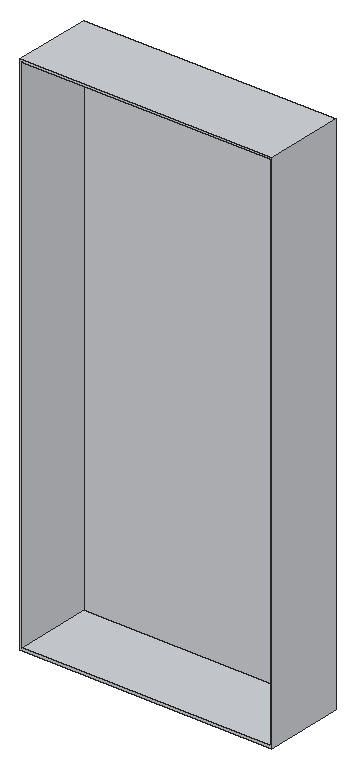
Revit family "Hager-VOLTA-Surface_mounted-IP30-Without_Cover-Without_DIN-NoHosted-CH-fr", category Electrical Equipment, Revit 2023
Family settings
  Panel Configuration = Two Columns, Circuits Across
  Round Connector Dimension = Use Diameter
  Part Type = Panelboard
  Work Plane-Based = Yes
  Always vertical = Yes
  Cut with Voids When Loaded = No
  Maintain Annotation Orientation = No
  Shared = No
  Room Calculation Point = No
Parameters (values of type "VOLTA-Surface_mounted_W305_H640_D96_12_Modular_Spacing-VA48MD")
  Width Control [instance] = if([HG000006-Encastré], if([EF000846 - largeur d'encastrement] > min_whd, [EF000846 - largeur d'encastrement], min_whd), if([EF000008 - largeur] > min_whd, ([EF000008 - largeur]), min_whd))  # 305 mm
  Void Depth [instance] = if([EF000218 - profondeur de montage] > 1 mm, [EF000218 - profondeur de montage], 1 mm)  # 1 mm
  Uniformat code = "D501001"
  Uniformat = "Low Tension Service & Dist."
  Référence = ""
  HGEF0002950-largeur en nombre de modules = 12
  HGEF000266-Nombre de rangées = 4
  HG000131 - Functional label [instance] = ""
  HG000130 - Functional name [instance] = ""
  HG000099-ID modèle Onfly = "507532"
  HG000059-tension d'utilisation [instance] = 230 V
  HG000017-Distance entre pôles = 18 mm
  HG000016-Visibilité de la porte 3D = yes
  HG000015-Visibilité de l'emprise de la porte = yes
  HG000014-Porte à droite = yes
  HG000013-Porte à gauche = no
  HG000012-Angle de pivotement de la porte = 90.00°
  HG000011-Rangées du bas vides = no
  HG000010-Portes asymétriques = no
  HG000009-Porte à double battant = no
  HG000008-Nombre de rangées vides = 0
  HG000007-Nombre de colonnes vides = 0
  HG000006-Encastré = no
  HG000005-Epaisseur = 2 mm
  HG000004-Référence fabricant = "VA48MD"
  HG000003-Gamme = "VOLTA"
  HG000002-avec porte = no
  HG000001-nombre de colonnes = 0
  ETIM class name = "Small distribution board"
  ETIM class code = "EC000214"
  EF015941 - porte de transmission du signal = no
  EF015777 - borne à conducteur neutre = no
  EF015776 - borne de mise à la terre = no
  EF009212 - type de couvercle = "avec découpe"
  EF006306 - avec serrure = no
  EF006244 - couvercle/porte transparente = no
  EF005474 - indice de protection (IP) = "IP30"
  EF004464 - type de porte = ""
  EF004462 - type de fermeture = ""
  EF002950 - nombre d'unités modulaires = 12
  EF001596 - matériau du boîtier = ""
  EF001134 - rail DIN = no
  EF001131 - profondeur interne = 0 mm
  EF001088 - possibilité de montage adossé = yes
  EF001062 - version CEM = no
  EF000846 - largeur d'encastrement = 0 mm
  EF000339 - type de couverture = ""
  EF000332 - hauteur d'installation = 0 mm
  EF000266 - nombre de rangées = 4
  EF000218 - profondeur de montage = 0 mm
  EF000118 - avec plaque de montage = yes
  EF000116 - numéro RAL = 9010
  EF000049 - profondeur = 96 mm
  EF000040 - hauteur = 640 mm
  EF000024 - résiste aux UV = no
  EF000008 - largeur = 305 mm
  EF000007 - couleur = "blanc"
  EF000003 - mode de montage = "apparent"
  Type Comments = ""
  System Height [instance] = Height Control - 2 * [HG000005-Epaisseur]  # 636 mm
  Reference description = ""
  Reference = "VOLTA-Surface_mounted_W305_H640_D96_12_Modular_Spacing-VA48MD"
  Panel Name [instance] = ""  # (empty or 0)
  Offset [instance] = 0 mm
  Object type = ""
  Name hager = "ADD_Enclosures_EC000214"
  Name BIM&CO = "Electricity"
  Name = "VOLTA-Surface_mounted-IP30-Without_Cover-Without_DIN-CH"
  Model = ""
  Level Offset [instance] = [Flush Mounted - Door Frame Width] + Offset  # 0 mm
  HG000060-RAL-number = "9010"
  GTIN (Global Trade Item Number) = ""
  Description = ""
  Default Elevation = 1200 mm
  Creation Date = "12/15/2025 21:43:52"
  Code hager = "ADD-EC000214_EU"
  Code Uniformat = ""
  BIM&CO code = ""
  BC_VARIANT_ID = "1174158"
  BC_OBJECT_VERSION = "#9"  # constant formula
  BC_OBJECT_ID = "513473"  # constant formula
  BC_MODEL_ID = "1547144"  # constant formula
  BC_METADATA = "{\"ObjectGuid\":\"bc35c96e-cb38-443e-833d-0616858cb9ac\",\"ModelGuid\":\"8af03f69-2293-4735-a617-cc53adf55621\",\"VariantGuid\":\"8b6e323b-1b53-409a-a940-11b5a7fc5337\",\"Revision\":\"#4\",\"VariantName\":\"Template-Enclosure_EU-EC000214\"}"
  Arrow Offset [instance] = Depth Control / 8  # 12 mm
  Arrow Height [instance] = Depth Control - Arrow Offset  # 84 mm
  Host Offset [instance] = if([HG000006-Encastré], 0 mm, [EF000049 - profondeur])  # 96 mm
  min_whd [instance] = (2 * [HG000005-Epaisseur]) + 1 mm  # 5 mm
  Manufacturer = "Hager"  # constant formula
  Height Control [instance] = if([HG000006-Encastré], if([EF000332 - hauteur d'installation] > min_whd, [EF000332 - hauteur d'installation], min_whd), if([EF000040 - hauteur] > min_whd, ([EF000040 - hauteur]), min_whd))  # 640 mm
  Flush Mounted - Door Frame Width [instance] = if(([EF000040 - hauteur] - [EF000332 - hauteur d'installation]) > 0 mm, if([HG000006-Encastré], [EF000040 - hauteur] - [EF000332 - hauteur d'installation], 0 mm), 0 mm)  # 0 mm
  Depth Control [instance] = if([HG000006-Encastré], if([EF000218 - profondeur de montage] > 0 mm, [EF000218 - profondeur de montage], 1 mm), if([EF000049 - profondeur] > 0 mm, ([EF000049 - profondeur]), 1 mm))  # 96 mm
Reference planes
  plane 1 "Center (Front/Back)": y = 0
  plane 2: z = 0
  plane 3 "Center (Left/Right)": x = 0
  plane 4: y = 2
  plane 5: y = 0
  plane 6: y = 0
  plane 7: z = 0
  plane 8: x = -152.5
  plane 9: x = 152.5
  plane 10: x = 150.5
  plane 11: x = -150.5
  plane 12: z = 0
  plane 13: z = 2
  plane 14: y = -91
  plane 15: y = -96
  plane 16: y = -2
  plane 17: z = 638
  plane 18: z = 640
  plane 19: z = 320
  plane 20: x = 0
  plane 21: y = -100
  plane 22 "Annotation H": y = -300
  plane 23 "Annotation V": x = 352.5
Forms (mm)
  Extrusion 1, solid
    sketch origin (-208.679, -4572, 0) x (-1, 0, 0) y (0, -1, 0)
      loop
        line (-56.179, -4476) -> (-361.179, -4476) -> (-361.179, -4572) -> (-56.179, -4572) -> (-56.179, -4476)
    from 0 to 640 <- "Height Control"
  Extrusion 2, void
    sketch origin (-350.771, -96, 1219.2) x (1, 0, 0) y (0, 0, 1)
      loop
        line (200.271, -581.2) -> (200.271, -1217.2) -> (501.271, -1217.2) -> (501.271, -581.2) -> (200.271, -581.2)
    from 0 to -94
  Extrusion 3, solid, detail levels coarse+medium
    sketch origin (-350.771, -96, 1219.2) x (-1, 0, 0) y (0, 0, 1)
      loop
        line (-200.271, -581.2) -> (-501.271, -581.2) -> (-501.271, -1217.2) -> (-200.271, -1217.2) -> (-200.271, -581.2)
    from 0 to 2 <- "HG000005-Epaisseur"
Cuts and joins
  Extrusion 2 cuts Extrusion 1
Dimensions and locks
  "Flush Mounted - Door Frame Width": plane 1 "Center (Front/Back)" to plane 6
  "HG000005-Epaisseur": plane 4 to plane 6
  "HG000005-Epaisseur": plane 8 to plane 11
  "HG000005-Epaisseur": plane 9 to plane 10
  equal spacing: plane 8, plane 3 "Center (Left/Right)", plane 9
  "Width Control": plane 8 to plane 9
  locked: plane 14 to plane 15 at 5
  "Host Offset": plane 1 "Center (Front/Back)" to plane 15
  "Depth Control": plane 5 to plane 15
  "HG000005-Epaisseur": plane 5 to plane 16
  "HG000005-Epaisseur": plane 13 to plane 12
  "Level Offset": plane 12 to level
  "HG000005-Epaisseur": plane 18 to plane 17
  "Height Control": plane 18 to plane 12
  "Arrow Offset": plane 5 to nested 4
  equal spacing: plane 18, plane 19, plane 12
  locked: connector elem to plane 19
  locked: connector elem to plane 3 "Center (Left/Right)"
  Extrusion 2 sketch curve to Extrusion 2 sketch curve to plane 9 = 301 mm, 2 mm
  locked: plane 9 to plane 23 "Annotation V" at 200
  locked: plane 22 "Annotation H" to plane 1 "Center (Front/Back)" at 300
  aligned and locked: nested 1 to plane 14
  aligned and locked: plane 3 "Center (Left/Right)" to nested 1
  aligned and locked: plane 3 "Center (Left/Right)" to nested 2
  aligned and locked: nested 2 to plane 15
  aligned and locked: plane 5 to Extrusion 1
  aligned and locked: Extrusion 3 sketch curve to plane 17
  aligned and locked: Extrusion 3 sketch curve to plane 11
  aligned and locked: plane 13 to Extrusion 3 sketch curve
  aligned and locked: Extrusion 3 sketch curve to plane 10
  aligned and locked: plane 13 to Extrusion 2 sketch curve
  aligned and locked: Extrusion 2 sketch curve to plane 17
  aligned and locked: plane 16 to Extrusion 2
  aligned and locked: plane 5 to Extrusion 1 sketch curve
  aligned and locked: plane 9 to Extrusion 1 sketch curve
  aligned and locked: plane 8 to Extrusion 1 sketch curve
  aligned and locked: plane 8 to nested 4
  aligned and locked: plane 8 to nested 3
  aligned and locked: nested 3 to plane 5
  aligned and locked: Extrusion 1 sketch curve to plane 15
  aligned and locked: Extrusion 2 to plane 15
  aligned and locked: nested 5 to plane 22 "Annotation H"
  aligned and locked: plane 23 "Annotation V" to nested 5
  aligned and locked: plane 11 to Extrusion 2
  aligned and locked: plane 10 to Extrusion 2
Nested families
  nested 1: "Hager_Enclosure_System" at (0, -91, 2), Height <- "System Height", Width_Control <- "Width Control", Built-in_Width <- "EF000846 - largeur d'encastrement", Width <- "EF000008 - largeur", Depth <- "HG000005-Epaisseur", Border <- "HG000005-Epaisseur", Distance_Between_Poles <- "HG000017-Distance entre pôles", Flush_Mounted <- "HG000006-Encastré", Empty_Columns <- "HG000007-Nombre de colonnes vides", Total_No_Empty_Rows <- "HG000008-Nombre de rangées vides", Empty_Rows_From_Bottom <- "HG000011-Rangées du bas vides", Columns_Count <- "HG000001-nombre de colonnes", Rows_Count <- "HGEF000266-Nombre de rangées", Row_Module_Multiplicator <- "HGEF0002950-largeur en nombre de modules", type "Hager_Enclosure_System", detail levels medium+fine
    with Width_Control 305 mm, Width 305 mm, Total_No_Rows 4, Total_No_Empty_Rows 0, Total_No_Columns 1, System_Width 301 mm, Rows_Count 4, Rows_Column 4, Row_Module_Multiplicator 12, Panel_4 no, Panel_3 no, Panel_2 no, Panel_1 no, No_Panels_Ctrl 1, Hide_Columns yes, Height 636 mm, Flush_Mounted no, Empty_Rows_From_Bottom no, Empty_Rows_Column 0, Empty_Columns 0, Empty column 4 0, Empty column 3 0, Empty column 2 0, Empty column 1 0, Distance_Between_Poles 18 mm, Depth 2 mm, Columns_Count 0, Column_Width 301 mm, Built-in_Width 0 mm, Border 2 mm
  nested 2: "Hager_Enclosure_Door" at (0, -96, 0), Height_Ctrl <- "Height Control", Width_Ctrl <- "Width Control", BuiltIn_Depth <- "EF000218 - profondeur de montage", Depth <- "EF000049 - profondeur", BuiltIn_Width <- "EF000846 - largeur d'encastrement", Height <- "EF000040 - hauteur", BuiltIn_Height <- "EF000332 - hauteur d'installation", Width <- "EF000008 - largeur", Transparent <- "EF006244 - couvercle/porte transparente", Border <- "HG000005-Epaisseur", Door <- "HG000002-avec porte", Flush_Mounted <- "HG000006-Encastré", Double <- "HG000009-Porte à double battant", Assymetrical <- "HG000010-Portes asymétriques", Angle <- "HG000012-Angle de pivotement de la porte", Door_Left <- "HG000013-Porte à gauche", Door_Right <- "HG000014-Porte à droite", Clearance <- "HG000015-Visibilité de l'emprise de la porte", 3d_Door <- "HG000016-Visibilité de la porte 3D", type "Hager_Enclosure_Door", detail levels medium+fine
    with min_wh 5 mm, Width_Ctrl 305 mm, Width 305 mm, Transparent_Door_No_Bottom_Border no, Transparent no, Leaf_Width 298 mm, Leaf_Tolerance 1.5 mm, Leaf_Height 633 mm, Leaf_2_Width 298 mm, Leaf_2_Offset 149 mm, Leaf_1_Width 298 mm, Leaf_1_Offset 149 mm, Height_Ctrl 640 mm, Height 640 mm, Frame_Width_Ctrl 305 mm, Frame_Width 305 mm, Frame_Internal_Offset 0 mm, Frame_Height_Ctrl 640 mm, Frame_Height 640 mm, Frame_Depth_Ctrl 1 mm, Frame_Depth 0 mm, Flush_Mounted no, Double_Clearance_Ctrl no, Double no, Door_Right_Ctrl no, Door_Right yes, Door_Left_Ctrl no, Door_Left no, Door no, Depth 96 mm, Clearance_Depth 298 mm, Clearance_Ctrl yes, Clearance yes, BuiltIn_Width 0 mm, BuiltIn_Height 0 mm, BuiltIn_Depth 0 mm, Border 2 mm, Assymetrical no, Angle 90.00°, 3d_Door yes
  nested 3: "Hager_Enclosure_Symbol_Triangle" at (-152.5, 0, 0), Depth <- "Depth Control", Width <- "Width Control", type "Hager_Enclosure_Symbol_Triangle"
    with Width_Ctrl 305 mm, Width 305 mm, Depth_Ctrl 96 mm, Depth 96 mm
  nested 4: "Hager_Enclosure_Symbol_Arrow" at (-152.5, -12, 0), Height <- "Arrow Height", type "Hager_Enclosure_Symbol_Arrow"
    with Width_Inside 6.3 mm, Width 75.6 mm, Height_Ctrl 84 mm, Height 84 mm
  nested 5: "Hager_Annotation-HG000130" at (352.5, -300, 0), HG000130 - Functional name <- "HG000130 - Functional name", type "Hager_Annotation-HG000130"
    with HG000130 - Functional name ""
Connectors
  electrical at (0, 0, 320), driven by "HG000059-tension d'utilisation"
    settings: on plane 5, index 1, voltage 230 V, apparent load 0 VA, apparent load phase1 0 VA, apparent load phase2 0 VA, apparent load phase3 0 VA, power factor 1, load classification "Other", number of poles 1, system type 30, power factor state 1, is connector primary yes, connector utility no, sub classification motor no, connector description ""
Definition of nested family "Hager_Enclosure_Door"
  Parameters (values of type "Hager_Enclosure_Door")
    min_wh [instance] = (2 * Border) + 1 mm  # 11 mm
    Width_Ctrl [instance] = 400 mm
    Width [instance] = 500 mm
    Transparent_Door_No_Bottom_Border [instance] = no
    Transparent [instance] = yes
    Leaf_Width [instance] = if((Width_Ctrl - 2 * Border - 2 * Leaf_Tolerance) > 0 mm, (Width_Ctrl - 2 * Border - 2 * Leaf_Tolerance), min_wh)  # 387 mm
    Leaf_Tolerance [instance] = 1.5 mm  # constant formula
    Leaf_Height [instance] = if((Height_Ctrl - 2 * Border - 2 * Leaf_Tolerance) > 0 mm, (Height_Ctrl - 2 * Border - 2 * Leaf_Tolerance), min_wh)  # 387 mm
    Leaf_2_Width [instance] = if(and(and(Double, Assymetrical), Door_Left), (Leaf_Width / 3) - (Leaf_Tolerance / 2), if(and(and(Double, Assymetrical), Door_Right), (Leaf_Width / 3) * 2 - (Leaf_Tolerance / 2), if(and(Double, not(Assymetrical)), (Leaf_Width / 2) - Leaf_Tolerance, Leaf_Width)))  # 387 mm
    Leaf_2_Offset [instance] = if(and(Double, Assymetrical), Leaf_2_Width / 2, if(and(Double, not(Assymetrical)), Leaf_Width / 4, Leaf_Width / 2))  # 193.5 mm
    Leaf_1_Width [instance] = if(and(and(Double, Assymetrical), Door_Right), (Leaf_Width / 3) - (Leaf_Tolerance / 2), if(and(and(Double, Assymetrical), Door_Left), (Width / 3) * 2 - (Leaf_Tolerance / 2), if(and(Double, not(Assymetrical)), (Leaf_Width / 2) - Leaf_Tolerance, Leaf_Width)))  # 387 mm
    Leaf_1_Offset [instance] = if(and(Double, Assymetrical), Leaf_1_Width / 2, if(and(Double, not(Assymetrical)), Leaf_Width / 4, Leaf_Width / 2))  # 193.5 mm
    Height_Ctrl [instance] = 400 mm
    Height [instance] = 500 mm
    Frame_Width_Ctrl [instance] = if(Frame_Width > 0 mm, Frame_Width, 1 mm)  # 1 mm
    Frame_Width [instance] = Width - BuiltIn_Width  # 0 mm
    Frame_Internal_Offset [instance] = if(Flush_Mounted, Border, 0 mm)  # 5 mm
    Frame_Height_Ctrl [instance] = if(Frame_Height > 0 mm, Frame_Height, 1 mm)  # 1 mm
    Frame_Height [instance] = Height - BuiltIn_Height  # 0 mm
    Frame_Depth_Ctrl [instance] = if(Frame_Depth > 0 mm, Frame_Depth, 1 mm)  # 1 mm
    Frame_Depth [instance] = if(Depth - BuiltIn_Depth > 0 mm, if(Flush_Mounted, Depth - BuiltIn_Depth, 0 mm), 0 mm)  # 0 mm
    Flush_Mounted [instance] = yes
    Double_Clearance_Ctrl [instance] = and(Double, Clearance)  # no
    Double [instance] = no
    Door_Right_Ctrl [instance] = and(or(Door_Right, Double), Door)  # yes
    Door_Right [instance] = yes
    Door_Left_Ctrl [instance] = and(or(Door_Left, Double), Door)  # no
    Door_Left [instance] = no
    Door [instance] = yes
    Depth [instance] = 500 mm
    Default Elevation = 1219.2 mm
    Clearance_Material = none
    Clearance_Depth [instance] = if(Leaf_1_Width > Leaf_2_Width, Leaf_1_Width, Leaf_2_Width)  # 387 mm
    Clearance_Ctrl [instance] = and(not(Double), Clearance)  # yes
    Clearance [instance] = yes
    BuiltIn_Width [instance] = 500 mm
    BuiltIn_Height [instance] = 500 mm
    BuiltIn_Depth [instance] = 500 mm
    Border [instance] = 5 mm
    Assymetrical [instance] = yes
    Angle [instance] = 30.00°
    3d_Door [instance] = yes
  Reference planes
    plane 1 "Center (Front/Back)": y = 0
    plane 2 "Bottom": z = 0
    plane 3 "Center (Left/Right)": x = 0
    plane 4: z = 400
    plane 5: x = -200
    plane 6: x = 200
    plane 7: z = 395
    plane 8: x = -195
    plane 9: z = 5
    plane 10: x = 195
    plane 11: y = 0
    plane 12: z = 6.5
    plane 13: x = -582
    plane 14: y = -387
    plane 15: x = 582
    plane 16: x = 0
    plane 17: x = 0
    plane 18: x = -193.5
    plane 19: x = 193.5
    plane 20: z = 393.5
  Forms (mm)
    Extrusion 1, solid, visible <- "Flush_Mounted"
      sketch origin (0, 0, 0) x (1, 0, 0) y (0, 0, 1)
        loop
          line (195, 5) -> (195, 395) -> (-195, 395) -> (-195, 5) -> (195, 5)
        loop
          line (-201, 401) -> (-201, -1) -> (201, -1) -> (201, 401) -> (-201, 401)
      from 0 to 1 <- "Frame_Depth_Ctrl"
    Extrusion 2, solid, material <- "Clearance_Material", visible <- "Double_Clearance_Ctrl"
      sketch origin (1200, 0, 0) x (1, 0, 0) y (0, 0, -1)
        loop
          line (-1782, -393.5) -> (-618, -393.5) -> (-618, 0) -> (-1782, 0) -> (-1782, -393.5)
      from 0 to -387
  Dimensions and locks
    equal spacing: plane 5, plane 3 "Center (Left/Right)", plane 6
    "Width_Ctrl": plane 5 to plane 6
    "Border": plane 5 to plane 8
    "Border": plane 6 to plane 10
    "Border": plane 9 to level
    "Border": plane 4 to plane 7
    "Height_Ctrl": plane 4 to level
    "Leaf_Tolerance": plane 12 to plane 9
    "Frame_Depth": plane 11 to plane 1 "Center (Front/Back)"
    "Frame_Width_Ctrl": plane 5 to Extrusion 1 sketch curve
    "Frame_Width_Ctrl": plane 6 to Extrusion 1 sketch curve
    "Frame_Width_Ctrl": Extrusion 1 sketch curve to plane 4
    "Frame_Width_Ctrl": plane 2 "Bottom" to Extrusion 1 sketch curve
    "Leaf_1_Offset": plane 18 to plane 16
    "Leaf_2_Offset": plane 17 to plane 19
    "Leaf_1_Width": plane 13 to plane 8
    "Leaf_2_Width": plane 10 to plane 15
    "Clearance_Depth": plane 14 to plane 1 "Center (Front/Back)"
    "Leaf_Tolerance": plane 8 to plane 18
    "Leaf_Tolerance": plane 19 to plane 10
    "Leaf_Tolerance": plane 7 to plane 20
    "Frame_Internal_Offset": plane 5 to Extrusion 1 sketch curve
    "Frame_Internal_Offset": Extrusion 1 sketch curve to plane 2 "Bottom"
    "Frame_Internal_Offset": plane 6 to Extrusion 1 sketch curve
    "Frame_Internal_Offset": plane 4 to Extrusion 1 sketch curve
    aligned and locked: level to plane 2 "Bottom"
    aligned and locked: nested 1 to plane 16
    aligned and locked: nested 2 to plane 17
    aligned and locked: Extrusion 2 to plane 13
    aligned and locked: plane 15 to Extrusion 2
    aligned and locked: Extrusion 2 to plane 14
    aligned and locked: plane 12 to nested 1
    aligned and locked: nested 2 to plane 12
    aligned and locked: Extrusion 2 to plane 11
    aligned and locked: plane 20 to Extrusion 2
    aligned and locked: nested 2 to plane 11
    aligned and locked: nested 1 to plane 11
  Automatic sketch dimensions
    Extrusion 2 sketch curve to level = 0 mm
    plane 5 to Extrusion 2 sketch curve = 382 mm
    plane 6 to Extrusion 2 sketch curve = 382 mm
    Extrusion 2 sketch curve to plane 4 = 6.5 mm
  Nested families
    nested 1: "Hager_Enclosure_Door_Leaf" at (0, 0, 6.5), Width <- "Leaf_1_Width", visible <- "Door_Left_Ctrl", Leaf_Height <- "Leaf_Height", Angle <- "Angle", Depth <- "Border", 3d_Door <- "3d_Door", Transparent <- "Transparent", Clearance Material <- "Clearance_Material", Clearance <- "Clearance_Ctrl", Transparent_Door_No_Bottom_Border <- "Transparent_Door_No_Bottom_Border", type "Hager_Enclosure_Door_Leaf"
      with Width 387 mm, Transparent_Door_No_Bottom_Border no, Transparent_Door_Border_Bottom_Top 25 mm, Transparent_Door_Border 25 mm, Transparent_Ctrl yes, Transparent yes, Standard no, Leaf_Height 387 mm, Glass_Offset 1 mm, Depth 5 mm, Clearance Material none, Clearance yes, Angle_Ctrl 30.00°, Angle 30.00°, 3d_Door yes
    nested 2: "Hager_Enclosure_Door_Leaf" at (0, 0, 6.5) x (-1, 0, 0) z (0, 0, 1), Width <- "Leaf_2_Width", visible <- "Door_Right_Ctrl", Leaf_Height <- "Leaf_Height", Angle <- "Angle", Depth <- "Border", 3d_Door <- "3d_Door", Transparent <- "Transparent", Clearance Material <- "Clearance_Material", Clearance <- "Clearance_Ctrl", Transparent_Door_No_Bottom_Border <- "Transparent_Door_No_Bottom_Border", type "Hager_Enclosure_Door_Leaf"
      with Width 387 mm, Transparent_Door_No_Bottom_Border no, Transparent_Door_Border_Bottom_Top 25 mm, Transparent_Door_Border 25 mm, Transparent_Ctrl yes, Transparent yes, Standard no, Leaf_Height 387 mm, Glass_Offset 1 mm, Depth 5 mm, Clearance Material none, Clearance yes, Angle_Ctrl 30.00°, Angle 30.00°, 3d_Door yes
  Definition of nested family "Hager_Enclosure_Door_Leaf"
    Parameters (values of type "Hager_Enclosure_Door_Leaf")
      Width [instance] = 2000 mm
      Transparent_Door_No_Bottom_Border [instance] = yes
      Transparent_Door_Border_Bottom_Top [instance] = if(Transparent_Door_No_Bottom_Border, 0.1 mm, Transparent_Door_Border)  # 0.1 mm
      Transparent_Door_Border [instance] = if(Transparent_Door_No_Bottom_Border, (Width * 0.12), 25 mm)  # 240 mm
      Transparent_Ctrl [instance] = and(Transparent, [3d_Door])  # yes
      Transparent [instance] = yes
      Standard [instance] = and(not(Transparent), [3d_Door])  # no
      Leaf_Height [instance] = 2720.336 mm
      Glass_Offset [instance] = if((Depth - 10 mm) / 2 > 0 mm, (Depth - 10 mm) / 2, 1 mm)  # 15 mm
      Glass_Material = none
      Depth [instance] = 40 mm
      Default Elevation = 0 mm
      Clearance Material [instance] = none
      Clearance [instance] = yes
      Angle_Ctrl [instance] = if(Angle > 170.00°, 170.00°, Angle)  # 45.00°
      Angle [instance] = 45.00°
      3d_Door [instance] = yes
    Reference planes
      plane 1 "Center (Front/Back)": y = 0
      plane 2: z = 0
      plane 3 "Center (Left/Right)": x = 0
      plane 4: y = 2000
      plane 5: x = -1000
      plane 6: x = 1000
      plane 7: x = -3000
      plane 8: z = 2720.336
      plane 9: z = 0.1
      plane 10: z = 2720.236
      plane 11: x = 760
      plane 12: x = -760
    Forms (mm)
      Extrusion 1, solid, material <- "Clearance Material", visible <- "Clearance"
        sketch origin (0, 0, 0) x (1, 0, 0) y (0, 0, 1)
          loop
            line (-3000, 2720.336) -> (-3000, 0) -> (1000, 0) -> (1000, 2720.336) -> (-3000, 2720.336)
        from 0 to -2000
      Extrusion 2, solid, visible <- "Standard", detail levels medium+fine
        sketch origin (-1000, 0, 0) x (0.707107, 0.707107, 0) y (-0.707107, 0.707107, 0)
          loop
            line (0, -40) -> (2000, -40) -> (2000, 0) -> (0, 0) -> (0, -40)
        from 0 to 2720.336 <- "Leaf_Height"
      Extrusion 3, solid, visible <- "Transparent_Ctrl", detail levels medium+fine
        sketch origin (-1000, 0, 0) x (0.707107, 0.707107, 0) y (-0.707107, 0.707107, 0)
          loop
            line (0, -40) -> (2000, -40) -> (2000, 0) -> (0, 0) -> (0, -40)
        from 0 to 2720.336 <- "Leaf_Height"
      Extrusion 4, void, detail levels medium+fine
        sketch origin (-1000, 0, 0) x (-0.707107, 0.707107, 0) y (0.707107, 0.707107, 0)
          loop
            line (0, 240) -> (0, 1760) -> (-40, 1760) -> (-40, 240) -> (0, 240)
        from -2720.236 to -0.1
      Extrusion 5, solid, material <- "Glass_Material", visible <- "Transparent_Ctrl", detail levels medium+fine
        sketch origin (-1000, 0, 0) x (0.707107, 0.707107, 0) y (-0.707107, 0.707107, 0)
          loop
            line (240, -15) -> (240, -25) -> (1760, -25) -> (1760, -15) -> (240, -15)
        from 0.1 to 2720.236
    Cuts and joins
      Extrusion 4 cuts Extrusion 3
    Lines and regions (mm)
      symbolic lines
        curve 1: line (1000, 0, 0) -> (-3000, 0, 0)
        curve 2: arc (1000, 0, 0) -> (-1000, 2000, 0) -> (-3000, 0, 0) r 2000
        curve 4: line (-1000, 0, 0) -> (414.214, 1414.214, 0)
      reference lines
        curve 3: line (-1000, 0, 0) -> (414.214, 1414.214, 0)
      symbolic lines, detail levels medium+fine
        curve 5: line (414.214, 1414.214, 0) -> (442.498, 1385.929, 0)
        curve 6: line (442.498, 1385.929, 0) -> (-971.716, -28.284, 0)
        curve 7: line (-971.716, -28.284, 0) -> (-1000, 0, 0)
        curve 8: line (-1000, 0, 2720.336) -> (1000, 0, 2720.336)
        curve 9: line (-1000, 0, 0) -> (-1000, 0, 2720.336)
        curve 10: line (1000, 0, 0) -> (-1000, 0, 0)
        curve 11: line (1000, 0, 2720.336) -> (1000, 0, 0)
      symbolic lines, visible <- "Transparent_Ctrl", detail levels medium+fine
        curve 12: line (-760, 0, 2720.236) -> (760, 0, 2720.236)
        curve 13: line (-760, 0, 0.1) -> (-760, 0, 2720.236)
        curve 14: line (760, 0, 0.1) -> (-760, 0, 0.1)
        curve 15: line (760, 0, 2720.236) -> (760, 0, 0.1)
    Dimensions and locks
      "Width": plane 1 "Center (Front/Back)" to plane 4
      equal spacing: plane 5, plane 3 "Center (Left/Right)", plane 6
      "Width": plane 5 to plane 6
      "Width": plane 7 to plane 5
      "Leaf_Height": plane 8 to level
      "Depth": curve 6 to curve 3
      "Width": curve 5 to curve 3
      "Width": curve 3 to curve 3
      "Transparent_Door_Border": Extrusion 4 sketch curve to curve 7
      "Transparent_Door_Border": Extrusion 4 sketch curve to curve 5
      "Transparent_Door_Border_Bottom_Top": plane 8 to plane 10
      "Transparent_Door_Border_Bottom_Top": plane 9 to level
      "Glass_Offset": Extrusion 5 sketch curve to curve 4
      "Glass_Offset": Extrusion 5 sketch curve to curve 6
      "Transparent_Door_Border": Extrusion 5 sketch curve to curve 5
      "Transparent_Door_Border": Extrusion 5 sketch curve to curve 7
      "Transparent_Door_Border": plane 12 to plane 5
      "Transparent_Door_Border": plane 6 to plane 11
      "Angle_Ctrl": angle plane 1 "Center (Front/Back)" to curve 3
      aligned and locked: level to plane 2
      aligned and locked: Extrusion 1 to curve 1
      aligned and locked: plane 6 to Extrusion 1
      aligned and locked: Extrusion 1 to plane 1 "Center (Front/Back)"
      aligned and locked: plane 4 to Extrusion 1
      aligned and locked: plane 8 to Extrusion 1
      aligned and locked: curve 4 to curve 3
      aligned and locked: Extrusion 2 sketch curve to curve 7
      aligned and locked: Extrusion 2 sketch curve to curve 6
      aligned and locked: Extrusion 2 sketch curve to curve 5
      aligned and locked: Extrusion 2 sketch curve to curve 3
      aligned and locked: curve 7 to Extrusion 3 sketch curve
      aligned and locked: Extrusion 3 sketch curve to curve 4
      aligned and locked: Extrusion 3 sketch curve to curve 6
      aligned and locked: Extrusion 3 sketch curve to curve 5
      aligned and locked: curve 4 to Extrusion 4 sketch curve
      aligned and locked: curve 6 to Extrusion 4 sketch curve
      aligned and locked: Extrusion 4 to plane 9
      aligned and locked: Extrusion 4 to plane 10
      aligned and locked: Extrusion 5 to plane 9
      aligned and locked: Extrusion 5 to plane 10
      aligned and locked: curve 8 to plane 8
      aligned and locked: plane 5 to curve 9
      aligned and locked: plane 2 to curve 10
      aligned and locked: curve 11 to plane 6
      aligned and locked: plane 10 to curve 12
      aligned and locked: plane 12 to curve 13
      aligned and locked: curve 14 to plane 9
      aligned and locked: plane 11 to curve 15
    Automatic sketch dimensions
      plane 1 "Center (Front/Back)" to curve 2 = 0 mm
      curve 2 to plane 5 = 0 mm
      Extrusion 1 sketch curve to level = 0 mm
      Extrusion 1 sketch curve to plane 7 = 0 mm
      Extrusion 1 sketch curve to plane 6 = 0 mm
      Extrusion 1 sketch curve to plane 8 = 0 mm
      plane 1 "Center (Front/Back)" to curve 3 = 0 mm
      curve 3 to plane 5 = 0 mm
      curve 7 to curve 3 = 0 mm
Definition of nested family "Hager_Enclosure_Symbol_Triangle"
  Parameters (values of type "Hager_Enclosure_Symbol_Triangle")
    Width_Ctrl [instance] = if(Width > 1 mm, Width, 1 mm)  # 498 mm
    Width [instance] = 498 mm
    Depth_Ctrl [instance] = if(Depth > 1 mm, Depth, 1 mm)  # 72 mm
    Depth [instance] = 72 mm
  Reference planes
    plane 1 "Centre (avant/arrière)": y = 0
    plane 2: z = 0
    plane 3 "Centre (gauche/droite)": x = 0
  Lines and regions (mm)
    Filled region 1, type "Solid_Black", in view "Niveau de réf."
      outline origin (0, 0, 0) x (1, 0, 0) y (0, 1, 0)
        loop
          line (0, 0) -> (498, 0) -> (498, 72) -> (0, 0)
    reference lines, in view "Niveau de réf."
      curve 1: line (-206.153, 72, 0) -> (1083.258, 72, 0)
      curve 2: line (498, 405.456, 0) -> (498, -517.619, 0)
  Dimensions and locks
    "Depth_Ctrl": plane 1 "Centre (avant/arrière)" to curve 1
    "Width_Ctrl": plane 3 "Centre (gauche/droite)" to curve 2
    aligned and locked: curve 1 to Filled region 1 sketch curve
    aligned and locked: Filled region 1 sketch curve to plane 1 "Centre (avant/arrière)"
    aligned and locked: curve 2 to Filled region 1 sketch curve
    aligned and locked: plane 3 "Centre (gauche/droite)" to Filled region 1 sketch curve
    aligned and locked: plane 1 "Centre (avant/arrière)" to Filled region 1 sketch curve
  Automatic sketch dimensions
    curve 1 to plane 3 "Centre (gauche/droite)" = 206.153 mm
    curve 2 to curve 1 = 585.258 mm
    plane 1 "Centre (avant/arrière)" to curve 2 = 517.619 mm
    curve 2 to plane 1 "Centre (avant/arrière)" = 405.456 mm
Definition of nested family "Hager_Enclosure_Symbol_Arrow"
  Parameters (values of type "Hager_Enclosure_Symbol_Arrow")
    Width_Inside [instance] = if(Width / 12 > 2 mm, Width / 12, 2 mm)  # 4.987 mm
    Width [instance] = if(Height_Ctrl * 0.9 > 2 mm, Height_Ctrl * 0.9, 2 mm)  # 59.85 mm
    Height_Ctrl [instance] = if(Height > 2 mm, Height, 2 mm)  # 66.5 mm
    Height [instance] = 66.5 mm
  Reference planes
    plane 1 "Centre (avant/arrière)": y = 0
    plane 2: z = 0
    plane 3 "Centre (gauche/droite)": x = 0
    plane 4: x = 59.85
    plane 5: y = 28.263
    plane 6: y = 38.238
    plane 7: y = 66.5
    plane 8: x = 29.925
    plane 9: y = 33.25
  Lines and regions (mm)
    Filled region 1, type "Solid_Black", in view "Niveau de réf."
      outline origin (0, 0, 0) x (1, 0, 0) y (0, 1, 0)
        loop
          line (59.85, 66.5) -> (37.929, 52.827) -> (51.846, 41.935) -> (59.85, 66.5)
    detail lines, in view "Niveau de réf."
      curve 1: line (0, 0, 0) -> (29.925, 38.238, 0)
      curve 2: line (29.925, 38.238, 0) -> (29.925, 28.263, 0)
      curve 3: line (29.925, 28.263, 0) -> (59.85, 66.5, 0)
  Dimensions and locks
    "Width": plane 3 "Centre (gauche/droite)" to plane 4
    "Height_Ctrl": plane 7 to plane 1 "Centre (avant/arrière)"
    equal spacing: plane 3 "Centre (gauche/droite)", plane 8, plane 4
    equal spacing: plane 7, plane 9, plane 1 "Centre (avant/arrière)"
    equal spacing: plane 6, plane 9, plane 5
    "Width_Inside": plane 6 to plane 9
    equal spacing: curve 3, Filled region 1 sketch curve, Filled region 1 sketch curve
    angle Filled region 1 sketch curve to curve 3 = 20.00°
    angle curve 3 to Filled region 1 sketch curve = 20.00°
    locked: curve 3 to Filled region 1 sketch curve (angle 90.00°)
  Automatic sketch dimensions
    plane 1 "Centre (avant/arrière)" to curve 1 = 0 mm
    curve 1 to plane 3 "Centre (gauche/droite)" = 0 mm
    curve 2 to plane 6 = 0 mm
    curve 3 to plane 8 = 0 mm
    curve 3 to plane 4 = 0 mm
    curve 2 to plane 5 = 0 mm
    curve 3 to plane 7 = 0 mm
    Filled region 1 sketch curve to plane 4 = 0 mm
    Filled region 1 sketch curve to plane 7 = 0 mm
Definition of nested family "Hager_Annotation-HG000130"
  Parameters (values of type "Hager_Annotation-HG000130")
    HG000130 - Functional name [instance] = ""
  Reference planes
    plane 1: y = 0
    plane 2: x = 0
  Lines and regions (mm)
    detail lines
      curve 1: line (-27.5, 10, 0) -> (27.5, 10, 0)
      curve 2: line (-27.5, -10, 0) -> (-27.5, 10, 0)
      curve 3: line (27.5, -10, 0) -> (-27.5, -10, 0)
      curve 4: line (27.5, 10, 0) -> (27.5, -10, 0)
  Text (mm)
    label "HG000130 - Functional name" at (0.16, 0.026, 0), shows "HG000130 - Functional name"
